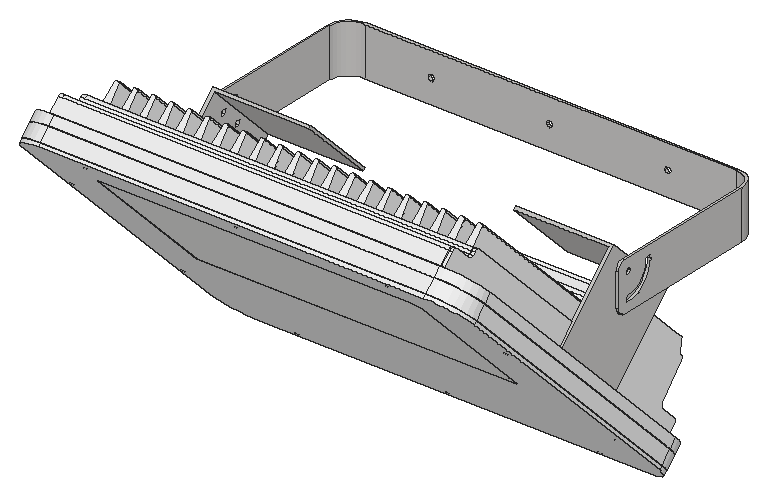
Revit family "FT ATEX LED MAX_2021", category Luminarias, Revit 2021 (continued)
Types (12, lengths in mm): name | Wattage | Power | Position | Archivo de red fotométrica | built-in parameter 1150142 | Modules | Lumens | built-in parameter 1150105 | built-in parameter 1150106 | Equiv MH
  PA204C | 90.2102 W | 97 W | 90.00° | "PA204C.ies" | "IESNA:LM-63-2002\r\n[TEST] 2020-10-3/Converted LDT Editor version 1.3.0.0 - DIAL GmbH (www.dial.de) on 05-10-2020\r\n[TESTLAB] ies2eulumdat.appspot.com\r\n[ISSUEDATE] 2020-10-06T06:29:16.153\r\n[MANUFAC] AIRFAL INTERNATIONAL S.L.\r\n[LUMCAT] PA204C\r\n[LUMINAIRE] LED MAX 98W 14244lm\r\n[LAMPCAT] TRIDONIC LED MODULE\r\n[LAMP] TRIDONIC LED MODULE\r\nTILT=NONE\r\n1\t14244\t1\t91\t72\t1\t2\t0.223\t0.100\t0.003\r\n1.0\t1.0\t98.00\r\n0\t 2\t 4\t 6\t 8\t 10\t 12\t 14\t 16\t 18\r\n20\t 22\t 24\t 26\t 28\t 30\t 32\t 34\t 36\t 38\r\n40\t 42\t 44\t 46\t 48\t 50\t 52\t 54\t 56\t 58\r\n60\t 62\t 64\t 66\t 68\t 70\t 72\t 74\t 76\t 78\r\n80\t 82\t 84\t 86\t 88\t 90\t 92\t 94\t 96\t 98\r\n100\t 102\t 104\t 106\t 108\t 110\t 112\t 114\t 116\t 118\r\n120\t 122\t 124\t 126\t 128\t 130\t 132\t 134\t 136\t 138\r\n140\t 142\t 144\t 146\t 148\t 150\t 152\t 154\t 156\t 158\r\n160\t 162\t 164\t 166\t 168\t 170\t 172\t 174\t 176\t 178\r\n180\r\n0\t 5\t 10\t 15\t 20\t 25\t 30\t 35\t 40\t 45\r\n50\t 55\t 60\t 65\t 70\t 75\t 80\t 85\t 90\t 95\r\n100\t 105\t 110\t 115\t 120\t 125\t 130\t 135\t 140\t 145\r\n150\t 155\t 160\t 165\t 170\t 175\t 180\t 185\t 190\t 195\r\n200\t 205\t 210\t 215\t 220\t 225\t 230\t 235\t 240\t 245\r\n250\t 255\t 260\t 265\t 270\t 275\t 280\t 285\t 290\t 295\r\n300\t 305\t 310\t 315\t 320\t 325\t 330\t 335\t 340\t 345\r\n350\t 355\r\n8246.4214\t8189.5878\t8123.923\t8037.8892\t7915.2484\t7752.8668\t7565.843\t7359.5899\t7138.523\t6880.1369\r\n6623.0327\t6376.469\t6145.004\t5928.7801\t5716.2596\t5502.7421\t5278.3991\t5053.7712\t4803.789\t4531.7286\r\n4237.1627\t3894.5945\t3541.7706\t3179.8306\t2791.824\t2379.6026\t1956.9832\t1516.1314\t1078.5557\t644.9683\r\n295.8479\t133.1814\t101.5597\t93.868\t84.182\t69.5107\t60.3946\t56.4062\t52.5604\t49.7116\r\n46.8628\t44.1564\t41.3076\t39.0286\t38.0315\t35.0402\t0\t0\t0\t0\r\n0\t0\t0\t0\t0\t0\t0\t0\t0\t0\r\n0\t0\t0\t0\t0\t0\t0\t0\t0\t0\r\n0\t0\t0\t0\t0\t0\t0\t0\t0\t0\r\n0\t0\t0\t0\t0\t0\t0\t0\t0\t0\r\n0\r\n8246.7062\t8192.1517\t8126.202\t8041.8775\t7921.0884\t7764.1195\t7579.09\t7373.8339\t7153.4792\t6899.0814\r\n6637.704\t6392.1374\t6158.5358\t5935.4748\t5722.6694\t5507.4426\t5288.9396\t5066.7332\t4815.0418\t4543.9784\r\n4235.311\t3896.7311\t3542.0555\t3177.694\t2797.0943\t2379.6026\t1963.1081\t1531.0876\t1094.9363\t659.7821\r\n305.1065\t136.7424\t101.7022\t93.7255\t83.185\t70.0805\t60.537\t55.9789\t51.8482\t48.9994\r\n46.1506\t43.4442\t41.1652\t38.8861\t37.889\t35.7524\t0\t0\t0\t0\r\n0\t0\t0\t0\t0\t0\t0\t0\t0\t0\r\n0\t0\t0\t0\t0\t0\t0\t0\t0\t0\r\n0\t0\t0\t0\t0\t0\t0\t0\t0\t0\r\n0\t0\t0\t0\t0\t0\t0\t0\t0\t0\r\n0\r\n8246.1365\t8191.7244\t8128.1962\t8045.0112\t7925.6465\t7771.5264\t7585.2149\t7380.3862\t7160.7437\t6904.6366\r\n6643.2592\t6397.5502\t6160.6724\t5938.0387\t5722.9543\t5506.0182\t5285.6635\t5063.5996\t4811.1959\t4539.1355\r\n4232.1773\t3894.1672\t3538.0672\t3167.4383\t2784.5596\t2365.9284\t1940.3177\t1516.7011\t1083.2562\t647.3898\r\n300.5484\t139.5912\t103.9812\t94.4377\t84.182\t77.06\t65.2375\t58.4004\t53.6999\t49.9964\r\n47.2901\t44.5837\t42.1622\t40.0256\t39.0286\t36.6071\t0\t0\t0\t0\r\n0\t0\t0\t0\t0\t0\t0\t0\t0\t0\r\n0\t0\t0\t0\t0\t0\t0\t0\t0\t0\r\n0\t0\t0\t0\t0\t0\t0\t0\t0\t0\r\n0\t0\t0\t0\t0\t0\t0\t0\t0\t0\r\n0\r\n8247.4184\t8196.7098\t8134.8908\t8055.4093\t7943.309\t7793.4622\t7609.2872\t7403.8888\t7186.6678\t6931.2728\r\n6668.0437\t6416.4947\t6178.6199\t5954.1344\t5739.3349\t5519.1227\t5297.7709\t5069.8669\t4825.8672\t4555.0888\r\n4233.7441\t3903.9955\t3549.4624\t3175.8422\t2789.6874\t2371.9109\t1955.2739\t1527.3841\t1094.7938\t659.9245\r\n315.3622\t149.9893\t108.5393\t95.5772\t85.7489\t81.4757\t70.9351\t61.9614\t56.1214\t52.5604\r\n48.8569\t45.5808\t42.4471\t40.0256\t39.3134\t37.6042\t0\t0\t0\t0\r\n0\t0\t0\t0\t0\t0\t0\t0\t0\t0\r\n0\t0\t0\t0\t0\t0\t0\t0\t0\t0\r\n0\t0\t0\t0\t0\t0\t0\t0\t0\t0\r\n0\t0\t0\t0\t0\t0\t0\t0\t0\t0\r\n0\r\n8243.2877\t8194.5732\t8136.1728\t8057.261\t7952.2828\t7804.0027\t7624.2434\t7416.9932\t7196.3537\t6941.2436\r\n6673.8838\t6421.765\t6184.7448\t5958.6925\t5739.4774\t5518.4105\t5292.2158\t5060.8932\t4816.0388\t4548.8214\r\n4238.0173\t3898.4404\t3542.3404\t3167.1534\t2779.4317\t2358.9488\t1942.7392\t1514.2796\t1077.5586\t647.6747\r\n311.5163\t155.1172\t111.3881\t95.8621\t86.4611\t84.3245\t74.3537\t65.2375\t59.8248\t55.694\r\n51.7057\t48.4296\t45.1535\t42.0198\t40.8803\t38.4588\t0\t0\t0\t0\r\n0\t0\t0\t0\t0\t0\t0\t0\t0\t0\r\n0\t0\t0\t0\t0\t0\t0\t0\t0\t0\r\n0\t0\t0\t0\t0\t0\t0\t0\t0\t0\r\n0\t0\t0\t0\t0\t0\t0\t0\t0\t0\r\n0\r\n8246.7062\t8200.1284\t8143.2948\t8069.226\t7970.8\t7828.7873\t7653.3012\t7446.6208\t7223.7022\t6970.8712\r\n6704.081\t6442.5612\t6205.3986\t5978.3492\t5751.7272\t5526.5296\t5296.489\t5069.1547\t4823.4457\t4554.0917\r\n4234.1714\t3897.3008\t3539.4916\t3175.5574\t2785.8415\t2375.187\t1960.4017\t1522.9685\t1090.2358\t660.7792\r\n321.772\t162.8089\t115.234\t95.5772\t86.0338\t82.6152\t77.4874\t66.377\t60.3946\t56.2638\r\n52.4179\t48.9994\t45.7232\t42.1622\t40.453\t38.8861\t0\t0\t0\t0\r\n0\t0\t0\t0\t0\t0\t0\t0\t0\t0\r\n0\t0\t0\t0\t0\t0\t0\t0\t0\t0\r\n0\t0\t0\t0\t0\t0\t0\t0\t0\t0\r\n0\t0\t0\t0\t0\t0\t0\t0\t0\t0\r\n0\r\n8245.994\t8202.8347\t8146.0012\t8078.627\t7982.7649\t7846.165\t7675.8067\t7465.8502\t7241.3647\t6987.5366\r\n6716.1884\t6454.5262\t6212.663\t5983.4771\t5752.0121\t5522.8261\t5294.9221\t5067.1606\t4818.8876\t4543.4087\r\n4233.0319\t3888.1847\t3528.8086\t3156.7553\t2765.3302\t2355.9576\t1944.0211\t1508.1547\t1072.0034\t643.4015\r\n316.5017\t162.524\t116.0886\t95.1499\t85.6064\t79.3391\t76.9176\t66.6619\t60.9643\t57.1184\r\n53.1301\t49.5691\t46.293\t42.732\t41.1652\t39.0286\t0\t0\t0\t0\r\n0\t0\t0\t0\t0\t0\t0\t0\t0\t0\r\n0\t0\t0\t0\t0\t0\t0\t0\t0\t0\r\n0\t0\t0\t0\t0\t0\t0\t0\t0\t0\r\n0\t0\t0\t0\t0\t0\t0\t0\t0\t0\r\n0\r\n8245.994\t8206.2533\t8155.6871\t8090.0222\t7999.5728\t7873.2286\t7707.8557\t7503.3119\t7276.9747\t7021.5798\r\n6747.8101\t6483.7264\t6237.59\t5998.5757\t5771.8112\t5541.3433\t5313.012\t5083.9685\t4834.2712\t4559.0771\r\n4232.1773\t3882.4871\t3523.6807\t3159.0343\t2773.8766\t2358.3791\t1950.4309\t1519.265\t1087.8143\t654.3694\r\n323.9086\t168.2216\t119.2223\t96.4319\t85.7489\t77.2025\t74.9234\t66.8044\t60.537\t56.4062\r\n52.133\t48.4296\t44.5837\t41.0227\t39.7408\t38.3164\t0\t0\t0\t0\r\n0\t0\t0\t0\t0\t0\t0\t0\t0\t0\r\n0\t0\t0\t0\t0\t0\t0\t0\t0\t0\r\n0\t0\t0\t0\t0\t0\t0\t0\t0\t0\r\n0\t0\t0\t0\t0\t0\t0\t0\t0\t0\r\n0\r\n8246.8487\t8209.9567\t8160.8149\t8096.8594\t8012.8198\t7892.3155\t7729.9339\t7526.9569\t7297.3436\t7046.7917\r\n6768.7488\t6502.386\t6252.8311\t6011.9651\t5782.2094\t5552.4536\t5320.2764\t5086.2475\t4832.1346\t4553.5219\r\n4238.0173\t3876.647\t3516.2738\t3152.1972\t2760.3448\t2345.9868\t1930.4893\t1501.3176\t1073.143\t639.698\r\n316.0744\t169.2187\t121.2164\t97.1441\t87.0308\t78.4844\t74.3537\t68.3712\t61.1068\t56.8336\r\n52.4179\t48.2872\t44.4413\t41.1652\t39.3134\t37.7466\t0\t0\t0\t0\r\n0\t0\t0\t0\t0\t0\t0\t0\t0\t0\r\n0\t0\t0\t0\t0\t0\t0\t0\t0\t0\r\n0\t0\t0\t0\t0\t0\t0\t0\t0\t0\r\n0\t0\t0\t0\t0\t0\t0\t0\t0\t0\r\n0\r\n8245.994\t8214.0875\t8168.2218\t8107.2575\t8028.6306\t7915.6757\t7759.8463\t7563.564\t7335.3751\t7086.9598\r\n6805.7832\t6536.0018\t6282.6011\t6037.7467\t5804.0027\t5574.6743\t5337.6541\t5098.7822\t4842.8176\t4570.7572\r\n4229.4709\t3878.7836\t3522.2563\t3157.6099\t2771.74\t2353.2512\t1939.1782\t1510.2913\t1082.4016\t651.9479\r\n323.7661\t176.9105\t124.9199\t99.708\t89.025\t79.624\t73.2142\t68.941\t61.1068\t55.2667\r\n51.7057\t47.7174\t43.3018\t40.1681\t38.1739\t37.0344\t0\t0\t0\t0\r\n0\t0\t0\t0\t0\t0\t0\t0\t0\t0\r\n0\t0\t0\t0\t0\t0\t0\t0\t0\t0\r\n0\t0\t0\t0\t0\t0\t0\t0\t0\t0\r\n0\t0\t0\t0\t0\t0\t0\t0\t0\t0\r\n0\r\n8247.7033\t8218.9304\t8176.6258\t8116.0888\t8039.1712\t7927.6406\t7778.7908\t7584.6451\t7360.7294\t7117.8692\r\n6832.9892\t6557.7952\t6301.2607\t6054.1273\t5818.1042\t5580.6568\t5339.5058\t5098.9247\t4845.9512\t4567.9084\r\n4238.0173\t3872.3738\t3513.8524\t3147.3542\t2763.336\t2339.577\t1929.0649\t1491.9166\t1064.4541\t641.8346\r\n319.208\t178.05\t127.1989\t100.2778\t89.4523\t80.3362\t74.0688\t69.5107\t62.1038\t56.2638\r\n52.5604\t48.2872\t44.2988\t41.0227\t38.7437\t37.0344\t0\t0\t0\t0\r\n0\t0\t0\t0\t0\t0\t0\t0\t0\t0\r\n0\t0\t0\t0\t0\t0\t0\t0\t0\t0\r\n0\t0\t0\t0\t0\t0\t0\t0\t0\t0\r\n0\t0\t0\t0\t0\t0\t0\t0\t0\t0\r\n0\r\n8245.994\t8218.9304\t8183.0356\t8125.3474\t8049.5693\t7944.0212\t7799.0173\t7614.7\t7398.0487\t7162.5954\r\n6883.6979\t6599.5301\t6333.1673\t6080.4787\t5840.6098\t5599.6013\t5358.023\t5115.875\t4859.9104\t4582.8646\r\n4246.5637\t3873.086\t3509.0094\t3146.0723\t2760.3448\t2343.4229\t1935.7596\t1503.3118\t1078.2708\t653.2298\r\n325.1905\t182.1808\t128.9082\t101.4173\t89.025\t80.1937\t74.3537\t67.8014\t62.2463\t56.4062\r\n52.7028\t48.8569\t44.5837\t41.1652\t38.8861\t37.0344\t0\t0\t0\t0\r\n0\t0\t0\t0\t0\t0\t0\t0\t0\t0\r\n0\t0\t0\t0\t0\t0\t0\t0\t0\t0\r\n0\t0\t0\t0\t0\t0\t0\t0\t0\t0\r\n0\t0\t0\t0\t0\t0\t0\t0\t0\t0\r\n0\r\n8247.7033\t8225.91\t8193.2912\t8138.7367\t8060.822\t7956.4135\t7817.3921\t7635.4962\t7428.6733\t7199.7722\r\n6921.0172\t6630.1547\t6357.667\t6099.5657\t5852.4323\t5609.0023\t5366.7119\t5117.5843\t4860.6226\t4575.3152\r\n4246.5637\t3874.0831\t3486.219\t3112.4564\t2727.1562\t2322.7691\t1913.539\t1485.0794\t1059.896\t639.698\r\n314.65\t176.6256\t127.1989\t100.5626\t88.1704\t81.0484\t75.0659\t67.659\t62.5312\t57.2609\r\n53.5574\t50.1389\t46.5779\t43.4442\t40.453\t37.889\t0\t0\t0\t0\r\n0\t0\t0\t0\t0\t0\t0\t0\t0\t0\r\n0\t0\t0\t0\t0\t0\t0\t0\t0\t0\r\n0\t0\t0\t0\t0\t0\t0\t0\t0\t0\r\n0\t0\t0\t0\t0\t0\t0\t0\t0\t0\r\n0\r\n8245.8516\t8228.9012\t8203.8318\t8152.5534\t8075.3509\t7971.2273\t7837.9034\t7668.2574\t7468.8414\t7246.0652\r\n6975.999\t6681.2906\t6402.1082\t6134.321\t5880.7778\t5629.6561\t5385.7988\t5137.6684\t4875.8636\t4591.411\r\n4247.4184\t3867.3884\t3484.2248\t3096.788\t2705.078\t2314.3651\t1926.501\t1497.6142\t1076.1342\t655.6513\r\n320.0627\t175.0588\t125.3472\t99.708\t87.3157\t82.4728\t74.3537\t66.5195\t61.1068\t56.6911\r\n52.8452\t49.7116\t46.7203\t43.5866\t40.5954\t38.8861\t0\t0\t0\t0\r\n0\t0\t0\t0\t0\t0\t0\t0\t0\t0\r\n0\t0\t0\t0\t0\t0\t0\t0\t0\t0\r\n0\t0\t0\t0\t0\t0\t0\t0\t0\t0\r\n0\t0\t0\t0\t0\t0\t0\t0\t0\t0\r\n0\r\n8245.1394\t8232.8896\t8212.8055\t8161.9544\t8089.4525\t7982.9074\t7851.7201\t7692.6146\t7500.0358\t7280.5357\r\n7015.5973\t6721.0314\t6430.4538\t6154.4051\t5897.5858\t5639.6269\t5395.3423\t5141.6567\t4874.5817\t4583.8616\r\n4241.5783\t3859.5542\t3473.8267\t3080.6923\t2686.4184\t2293.9962\t1914.2512\t1494.6229\t1071.0064\t647.2474\r\n313.9378\t167.367\t120.7891\t98.7109\t87.743\t85.3216\t74.2112\t65.8073\t60.2521\t56.2638\r\n52.5604\t49.7116\t46.8628\t44.1564\t41.1652\t39.0286\t0\t0\t0\t0\r\n0\t0\t0\t0\t0\t0\t0\t0\t0\t0\r\n0\t0\t0\t0\t0\t0\t0\t0\t0\t0\r\n0\t0\t0\t0\t0\t0\t0\t0\t0\t0\r\n0\t0\t0\t0\t0\t0\t0\t0\t0\t0\r\n0\r\n8248.2731\t8239.7267\t8223.9158\t8180.899\t8106.8302\t8005.9826\t7882.4872\t7732.9252\t7545.1892\t7334.2356\r\n7077.7012\t6770.743\t6479.0258\t6195.5702\t5928.0679\t5669.112\t5418.56\t5161.171\t4895.2355\t4600.812\r\n4245.5666\t3861.5484\t3484.0824\t3092.7997\t2698.0985\t2304.3943\t1920.661\t1515.2767\t1097.9275\t670.1802\r\n327.8969\t165.088\t119.2223\t98.426\t88.1704\t87.0308\t72.7868\t63.6707\t58.258\t53.9848\r\n50.1389\t47.2901\t44.7262\t42.1622\t38.8861\t37.6042\t0\t0\t0\t0\r\n0\t0\t0\t0\t0\t0\t0\t0\t0\t0\r\n0\t0\t0\t0\t0\t0\t0\t0\t0\t0\r\n0\t0\t0\t0\t0\t0\t0\t0\t0\t0\r\n0\t0\t0\t0\t0\t0\t0\t0\t0\t0\r\n0\r\n8246.8487\t8242.2906\t8233.7442\t8192.1517\t8123.7805\t8022.5057\t7904.5654\t7761.9829\t7577.808\t7370.2729\r\n7117.7268\t6804.2164\t6502.9558\t6214.0874\t5939.0358\t5675.8067\t5421.8362\t5165.4442\t4893.2413\t4592.408\r\n4244.2847\t3866.2489\t3481.2336\t3077.5586\t2688.2701\t2297.2723\t1904.1379\t1510.0064\t1096.5031\t672.3168\r\n323.7661\t157.1113\t115.234\t97.429\t88.0279\t86.4611\t70.7927\t61.2492\t55.8365\t52.133\r\n48.572\t46.293\t43.7291\t40.453\t38.3164\t36.3222\t0\t0\t0\t0\r\n0\t0\t0\t0\t0\t0\t0\t0\t0\t0\r\n0\t0\t0\t0\t0\t0\t0\t0\t0\t0\r\n0\t0\t0\t0\t0\t0\t0\t0\t0\t0\r\n0\t0\t0\t0\t0\t0\t0\t0\t0\t0\r\n0\r\n8248.2731\t8248.2731\t8244.4272\t8212.5206\t8146.9982\t8049.8542\t7936.8992\t7806.994\t7633.9294\t7429.3855\r\n7172.4238\t6852.7884\t6543.836\t6247.5608\t5964.8174\t5699.7366\t5444.9114\t5189.2316\t4912.3283\t4612.3496\r\n4257.2467\t3875.3651\t3481.376\t3082.4016\t2693.6828\t2302.1153\t1923.3673\t1533.509\t1124.7062\t703.6536\r\n339.2921\t156.3991\t113.8096\t97.0016\t88.5977\t83.185\t67.5166\t58.9702\t53.5574\t50.1389\r\n46.7203\t43.5866\t41.45\t38.7437\t36.7495\t35.1827\t0\t0\t0\t0\r\n0\t0\t0\t0\t0\t0\t0\t0\t0\t0\r\n0\t0\t0\t0\t0\t0\t0\t0\t0\t0\r\n0\t0\t0\t0\t0\t0\t0\t0\t0\t0\r\n0\t0\t0\t0\t0\t0\t0\t0\t0\t0\r\n0\r\n8248.2731\t8251.4068\t8253.8282\t8228.9012\t8171.0706\t8083.7549\t7974.0761\t7851.8626\t7689.9083\t7488.9254\r\n7234.2427\t6912.3283\t6594.5447\t6292.1446\t6001.2821\t5736.0588\t5480.5214\t5217.4348\t4940.9587\t4646.9626\r\n4290.8626\t3911.1175\t3511.0036\t3103.0554\t2713.6244\t2330.7457\t1951.7129\t1568.9766\t1161.4558\t745.531\r\n361.7976\t162.9514\t120.5042\t105.2632\t97.429\t87.743\t75.2083\t67.2317\t60.6794\t57.4033\r\n53.1301\t49.9964\t47.8598\t45.1535\t42.732\t41.5925\t0\t0\t0\t0\r\n0\t0\t0\t0\t0\t0\t0\t0\t0\t0\r\n0\t0\t0\t0\t0\t0\t0\t0\t0\t0\r\n0\t0\t0\t0\t0\t0\t0\t0\t0\t0\r\n0\t0\t0\t0\t0\t0\t0\t0\t0\t0\r\n0\r\n8248.2731\t8256.1073\t8262.3746\t8240.5813\t8187.1663\t8103.9814\t8000.8548\t7884.9086\t7722.2422\t7521.2593\r\n7268.5708\t6941.3861\t6611.2102\t6301.688\t6010.6831\t5744.4628\t5484.3673\t5219.4289\t4941.386\t4648.6718\r\n4304.6792\t3919.0942\t3512.7128\t3093.5119\t2711.4878\t2328.4667\t1946.0153\t1566.9824\t1155.3308\t742.967\r\n352.8239\t156.3991\t118.5101\t105.4056\t97.9987\t87.0308\t77.2025\t68.5136\t61.9614\t58.4004\r\n54.697\t51.136\t48.572\t45.4384\t43.3018\t41.5925\t0\t0\t0\t0\r\n0\t0\t0\t0\t0\t0\t0\t0\t0\t0\r\n0\t0\t0\t0\t0\t0\t0\t0\t0\t0\r\n0\t0\t0\t0\t0\t0\t0\t0\t0\t0\r\n0\t0\t0\t0\t0\t0\t0\t0\t0\t0\r\n0\r\n8249.1277\t8260.238\t8270.0664\t8252.119\t8205.2562\t8125.6322\t8027.6335\t7919.0942\t7763.9771\t7561.7123\r\n7313.7242\t6998.647\t6647.6748\t6332.1702\t6040.8804\t5769.1049\t5505.4484\t5235.3822\t4963.4642\t4668.6134\r\n4322.3418\t3945.4456\t3543.4799\t3121.8575\t2738.2666\t2355.2454\t1967.951\t1580.6567\t1171.1417\t763.9057\r\n367.7801\t153.5503\t117.3706\t105.2632\t98.426\t90.1645\t80.3362\t69.5107\t63.1009\t59.3975\r\n54.9818\t51.4208\t48.8569\t45.5808\t43.4442\t41.5925\t0\t0\t0\t0\r\n0\t0\t0\t0\t0\t0\t0\t0\t0\t0\r\n0\t0\t0\t0\t0\t0\t0\t0\t0\t0\r\n0\t0\t0\t0\t0\t0\t0\t0\t0\t0\r\n0\t0\t0\t0\t0\t0\t0\t0\t0\t0\r\n0\r\n8246.7062\t8260.6654\t8276.3338\t8260.8078\t8216.7938\t8141.0158\t8041.8775\t7932.1987\t7784.4884\t7578.3778\r\n7333.6658\t7021.5798\t6661.4915\t6341.9986\t6045.5809\t5772.0961\t5508.867\t5236.6642\t4964.034\t4662.631\r\n4332.5975\t3960.4018\t3557.2966\t3134.5346\t2748.8071\t2355.3878\t1969.3754\t1566.4127\t1154.6186\t757.7808\r\n353.2512\t147.1405\t115.5188\t104.6934\t97.5714\t90.1645\t80.0513\t71.0776\t65.38\t61.2492\r\n56.976\t53.2726\t50.4238\t47.1476\t44.4413\t41.5925\t0\t0\t0\t0\r\n0\t0\t0\t0\t0\t0\t0\t0\t0\t0\r\n0\t0\t0\t0\t0\t0\t0\t0\t0\t0\r\n0\t0\t0\t0\t0\t0\t0\t0\t0\t0\r\n0\t0\t0\t0\t0\t0\t0\t0\t0\t0\r\n0\r\n8247.8458\t8266.2205\t8285.7348\t8273.0576\t8233.032\t8161.9544\t8063.8133\t7950.5735\t7803.0056\t7601.8804\r\n7362.0114\t7063.742\t6699.523\t6376.8964\t6072.3596\t5795.029\t5531.0876\t5260.0243\t4980.9844\t4684.5667\r\n4348.8356\t3975.9277\t3576.2411\t3158.7494\t2775.4434\t2376.7538\t1988.4624\t1576.8108\t1168.8626\t762.3389\r\n356.2424\t145.7161\t114.5218\t103.9812\t96.147\t88.1704\t78.342\t71.22\t65.9497\t61.3916\r\n57.2609\t54.1272\t51.4208\t47.8598\t45.1535\t42.4471\t0\t0\t0\t0\r\n0\t0\t0\t0\t0\t0\t0\t0\t0\t0\r\n0\t0\t0\t0\t0\t0\t0\t0\t0\t0\r\n0\t0\t0\t0\t0\t0\t0\t0\t0\t0\r\n0\t0\t0\t0\t0\t0\t0\t0\t0\t0\r\n0\r\n8248.2731\t8268.642\t8288.726\t8281.0343\t8243.715\t8170.0735\t8068.5138\t7948.2944\t7801.2964\t7604.1594\r\n7365.2875\t7083.2563\t6718.325\t6389.0038\t6075.2084\t5797.0231\t5535.5033\t5258.5999\t4977.4234\t4683.5696\r\n4353.6786\t3977.9219\t3564.4186\t3156.1855\t2769.6034\t2370.344\t1970.6574\t1565.8429\t1153.4791\t723.8801\r\n327.0422\t142.7249\t113.952\t102.9841\t95.2924\t87.743\t78.1996\t72.0746\t66.6619\t62.3887\r\n58.8277\t55.8365\t53.2726\t49.9964\t46.5779\t43.5866\t0\t0\t0\t0\r\n0\t0\t0\t0\t0\t0\t0\t0\t0\t0\r\n0\t0\t0\t0\t0\t0\t0\t0\t0\t0\r\n0\t0\t0\t0\t0\t0\t0\t0\t0\t0\r\n0\t0\t0\t0\t0\t0\t0\t0\t0\t0\r\n0\r\n8248.558\t8270.921\t8294.2812\t8289.4382\t8257.2468\t8186.8814\t8084.6095\t7957.1257\t7806.4242\t7610.7116\r\n7380.3862\t7117.0146\t6757.6385\t6421.1952\t6099.4232\t5811.2671\t5545.0468\t5275.8352\t4992.9493\t4700.0927\r\n4362.0826\t3987.7502\t3570.401\t3171.2842\t2787.9781\t2379.6026\t1984.0468\t1583.2206\t1148.921\t708.0692\r\n324.1934\t145.1464\t115.0915\t102.8417\t95.1499\t88.0279\t79.0542\t72.7868\t66.9468\t62.816\r\n59.255\t56.1214\t52.8452\t50.1389\t46.7203\t43.7291\t0\t0\t0\t0\r\n0\t0\t0\t0\t0\t0\t0\t0\t0\t0\r\n0\t0\t0\t0\t0\t0\t0\t0\t0\t0\r\n0\t0\t0\t0\t0\t0\t0\t0\t0\t0\r\n0\t0\t0\t0\t0\t0\t0\t0\t0\t0\r\n0\r\n8247.4184\t8273.0576\t8295.7056\t8294.2812\t8263.5142\t8193.861\t8088.4554\t7958.1228\t7804.5725\t7606.5809\r\n7384.232\t7126.2732\t6772.7371\t6431.3084\t6103.2691\t5809.4154\t5536.6428\t5269.5678\t4994.9435\t4697.5288\r\n4366.9255\t3989.8868\t3568.9766\t3167.1534\t2784.1322\t2374.7597\t1977.4945\t1572.2527\t1118.4389\t657.2182\r\n305.2489\t145.8586\t116.231\t102.8417\t95.4348\t88.4552\t80.3362\t73.9264\t68.6561\t64.3829\r\n60.3946\t57.2609\t53.6999\t50.1389\t47.575\t44.7262\t0\t0\t0\t0\r\n0\t0\t0\t0\t0\t0\t0\t0\t0\t0\r\n0\t0\t0\t0\t0\t0\t0\t0\t0\t0\r\n0\t0\t0\t0\t0\t0\t0\t0\t0\t0\r\n0\t0\t0\t0\t0\t0\t0\t0\t0\t0\r\n0\r\n8245.4243\t8274.0547\t8297.4149\t8298.8393\t8269.0693\t8199.5586\t8099.1384\t7971.2273\t7820.0984\t7622.3917\r\n7400.4702\t7145.645\t6802.9344\t6451.6774\t6120.5044\t5821.5228\t5542.3404\t5280.8206\t5008.9026\t4713.7669\r\n4376.7539\t4000.5698\t3585.0724\t3180.1154\t2798.946\t2393.4193\t2000\t1589.9153\t1124.7062\t651.5206\r\n311.5163\t151.9835\t119.0798\t103.5539\t95.8621\t88.1704\t81.0484\t73.9264\t68.7985\t64.5253\r\n60.537\t57.1184\t52.9877\t48.9994\t46.7203\t43.5866\t0\t0\t0\t0\r\n0\t0\t0\t0\t0\t0\t0\t0\t0\t0\r\n0\t0\t0\t0\t0\t0\t0\t0\t0\t0\r\n0\t0\t0\t0\t0\t0\t0\t0\t0\t0\r\n0\t0\t0\t0\t0\t0\t0\t0\t0\t0\r\n0\r\n8248.1306\t8277.7582\t8300.9759\t8301.1183\t8271.7757\t8200.1284\t8107.6848\t7984.6166\t7833.4878\t7633.6445\r\n7405.3132\t7144.3631\t6805.2134\t6450.1105\t6118.5102\t5820.6682\t5536.3579\t5270.28\t5002.6352\t4711.9152\r\n4379.6027\t4001.9942\t3579.6596\t3185.3857\t2798.5187\t2393.5618\t1999.8576\t1575.5288\t1107.8983\t641.8346\r\n303.8245\t155.6869\t120.6467\t104.4085\t96.4319\t88.1704\t81.3332\t75.3508\t69.6532\t64.8102\r\n61.3916\t57.9731\t53.6999\t49.854\t47.2901\t44.014\t0\t0\t0\t0\r\n0\t0\t0\t0\t0\t0\t0\t0\t0\t0\r\n0\t0\t0\t0\t0\t0\t0\t0\t0\t0\r\n0\t0\t0\t0\t0\t0\t0\t0\t0\t0\r\n0\t0\t0\t0\t0\t0\t0\t0\t0\t0\r\n0\r\n8244.7121\t8276.3338\t8297.9846\t8301.1183\t8270.921\t8206.5382\t8121.6439\t8006.5524\t7856
